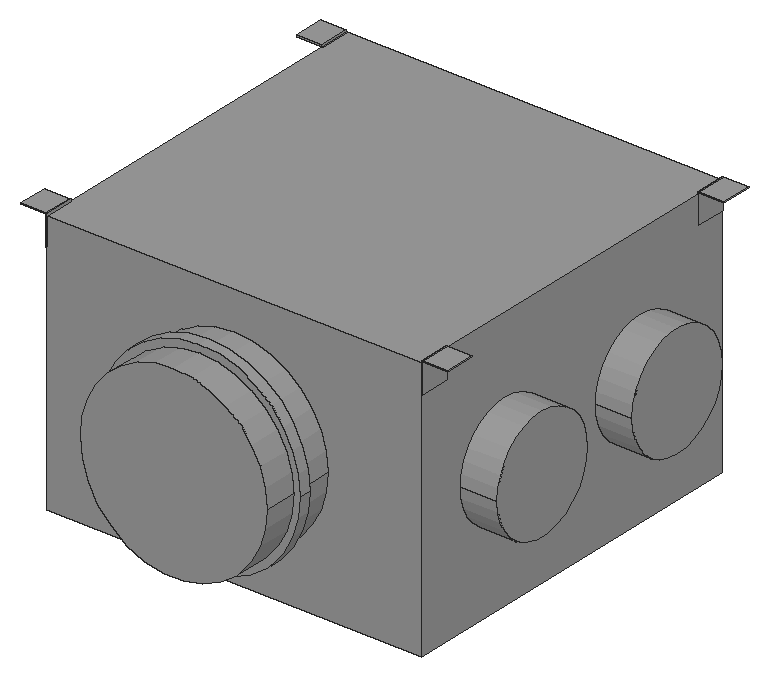
Revit family "SA_FASU(F4-150 250Φ)", category ダクト付属品, Revit 2022
Family settings
  丸型コネクタ寸法 = 直径を使用
  パーツ タイプ = ダンパー
  OmniClass 番号 = 23.75.00.00
  OmniClass タイトル = Climate Control (HVAC)
  作業面ベース = いいえ
  常に垂直 = はい
  ロード時にボイドで切り取り = いいえ
  共有 = いいえ
Parameters
  高さ = 350 mm
  風量 = 0.0 L/s
  符号 = "FASU"
  形式 = "F4-150 250φ"
  幅 [instance] = 500 mm
  奥行き = 500 mm
  大きさ = 250 mm
  呼称 = "FASUチャンバー"
  付属品_下端レベル [instance] = 0 mm
  マテリアル [instance] = 既定値
  ダクト_イン = 250 mm
  ダクト_アウト = 150 mm
  既定の高さ = 0 mm
Reference planes
  plane 1 "中心(正面/背面)": y = 0
  plane 2: z = 0
  plane 3 "中心(左/右)": x = 0
  plane 4: x = -250
  plane 5: x = 250
  plane 6: y = -500
  plane 7: z = 350
  plane 8: z = 175
  plane 9: z = 266.963
  plane 10: z = 86.159
  plane 11: x = -125
  plane 12: x = 125
  plane 13: x = -135
  plane 14: x = 135
  plane 15: x = -251
  plane 16: z = 313.122
  plane 17: z = 352.122
  plane 18: y = -250
Forms (mm)
  Extrusion 1, solid, material "既定値" <- "マテリアル"
    sketch origin (0, 0, 0) x (1, 0, 0) y (0, 1, 0)
      loop
        line (-250, 0) -> (-250, -500) -> (250, -500) -> (250, 0) -> (-250, 0)
    from 0 to 350
  Extrusion 2, solid, material "既定値" <- "マテリアル"
    sketch origin (0, -30, 0) x (1, 0, 0) y (0, 0, 1)
      loop
        circle (0, 175) r 125
    from 470 to 512.5
  Extrusion 3, solid, material "既定値" <- "マテリアル"
    sketch origin (0, -30, 0) x (1, 0, 0) y (0, 0, 1)
      loop
        circle (0, 175) r 135
    from 512.5 to 527.5
  Extrusion 4, solid, material "既定値" <- "マテリアル"
    sketch origin (0, -117.5, 0) x (1, 0, 0) y (0, 0, 1)
      loop
        circle (0, 175) r 125
    from 440 to 482.5
  Extrusion 5, solid, material "既定値" <- "マテリアル"
    sketch origin (0, -30, 0) x (0, 1, 0) y (0, 0, 1)
      loop
        circle (-332.5, 175) r 74.985
    from -300 to -250
  Extrusion 6, solid, material "既定値" <- "マテリアル"
    sketch origin (550, -30, 0) x (0, 1, 0) y (0, 0, 1)
      loop
        circle (-332.5, 175) r 74.985
    from -300 to -250
  Extrusion 7, solid, material "既定値" <- "マテリアル"
    sketch origin (0, -30, 0) x (1, 0, 0) y (0, 1, 0)
      loop
        line (-250, 30) -> (-251, 30) -> (-251, -10) -> (-250, -10) -> (-250, 30)
    from 313.122 to 350
  Extrusion 8, solid, material "既定値" <- "マテリアル"
    sketch origin (0, -30, 0) x (1, 0, 0) y (0, 1, 0)
      loop
        line (-285, 30) -> (-285, -10) -> (-251, -10) -> (-251, 30) -> (-285, 30)
    from 352.122 to 350
  Extrusion 9, solid, material "既定値" <- "マテリアル"
    sketch origin (0, -30, 0) x (-1, 0, 0) y (0, -1, 0)
      loop
        line (-250, -30) -> (-250, 10) -> (-251, 10) -> (-251, -30) -> (-250, -30)
    from 313.122 to 353.122
  Extrusion 10, solid, material "既定値" <- "マテリアル"
    sketch origin (0, -30, 0) x (-1, 0, 0) y (0, -1, 0)
      loop
        line (-285, -30) -> (-251, -30) -> (-251, 10) -> (-285, 10) -> (-285, -30)
    from 352.122 to 353.122
  Extrusion 11, solid, material "既定値" <- "マテリアル"
    sketch origin (0, -490, 0) x (1, 0, 0) y (0, 1, 0)
      loop
        line (-285, 30) -> (-285, -10) -> (-251, -10) -> (-251, 30) -> (-285, 30)
    from 352.122 to 353.122
  Extrusion 12, solid, material "既定値" <- "マテリアル"
    sketch origin (0, -490, 0) x (1, 0, 0) y (0, 1, 0)
      loop
        line (-250, 30) -> (-251, 30) -> (-251, -10) -> (-250, -10) -> (-250, 30)
    from 313.122 to 353.122
  Extrusion 13, solid, material "既定値" <- "マテリアル"
    sketch origin (0, -490, 0) x (-1, 0, 0) y (0, -1, 0)
      loop
        line (-285, -30) -> (-251, -30) -> (-251, 10) -> (-285, 10) -> (-285, -30)
    from 352.122 to 353.122
  Extrusion 14, solid, material "既定値" <- "マテリアル"
    sketch origin (0, -490, 0) x (-1, 0, 0) y (0, -1, 0)
      loop
        line (-250, -30) -> (-250, 10) -> (-251, 10) -> (-251, -30) -> (-250, -30)
    from 313.122 to 353.122
  Extrusion 15, solid, material "既定値" <- "マテリアル"
    sketch origin (550, -470, 0) x (0, -1, 0) y (0, 0, -1)
      loop
        circle (-332.5, -175) r 74.985
    from -300 to -250
  Extrusion 16, solid, material "既定値" <- "マテリアル"
    sketch origin (-550, -470, 0) x (0, -1, 0) y (0, 0, 1)
      loop
        circle (-332.5, 175) r 74.985
    from -300 to -250
Lines and regions (mm)
  model lines
    curve 1: line (-250, -30, 0) -> (250, -30, 0)
    curve 2: line (-250, -470, 0) -> (250, -470, 0)
Text (mm)
  text "FASU(F4-150 250Φ)" at (120.822, -450.782, 0), in view "参照レベル"
Dimensions and locks
  equal spacing: plane 4, plane 3 "中心(左/右)", plane 5
  "幅": plane 4 to plane 5
  "奥行き": plane 6 to plane 1 "中心(正面/背面)"
  "高さ": plane 7 to level
  equal spacing: plane 7, plane 8, level
  equal spacing: plane 6, plane 18, plane 1 "中心(正面/背面)"
  aligned and locked: level to plane 2
  aligned and locked: Extrusion 1 sketch curve to plane 5
  aligned and locked: plane 7 to Extrusion 1
  aligned and locked: plane 4 to Extrusion 5
  aligned and locked: Extrusion 6 to plane 5
  aligned and locked: Extrusion 7 sketch curve to Extrusion 1
  aligned and locked: plane 7 to Extrusion 7
  aligned and locked: Extrusion 8 sketch curve to Extrusion 7
  aligned and locked: Extrusion 7 to Extrusion 8 sketch curve
  aligned and locked: plane 7 to Extrusion 8
  aligned and locked: Extrusion 8 to plane 17
  aligned and locked: Extrusion 9 to Extrusion 10 sketch curve
  aligned and locked: Extrusion 10 sketch curve to Extrusion 9
  aligned and locked: Extrusion 3 to Extrusion 4
  aligned and locked: Extrusion 3 to Extrusion 2
  aligned and locked: Extrusion 1 to Extrusion 13
  aligned and locked: Extrusion 11 to Extrusion 1
  aligned and locked: Extrusion 12 to Extrusion 1
  aligned and locked: Extrusion 1 to Extrusion 14
  aligned and locked: Extrusion 14 to Extrusion 13
  aligned and locked: Extrusion 12 to Extrusion 11
  aligned and locked: plane 4 to Extrusion 12
  aligned and locked: Extrusion 14 to plane 5
  aligned and locked: plane 4 to curve 1
  aligned and locked: plane 5 to curve 1
  aligned and locked: plane 5 to curve 2
  aligned and locked: plane 4 to curve 2
  aligned and locked: Extrusion 1 to Extrusion 8
  aligned and locked: Extrusion 10 to Extrusion 1
  aligned and locked: Extrusion 9 to plane 5
  aligned and locked: Extrusion 1 to plane 6
  aligned and locked: Extrusion 1 to plane 1 "中心(正面/背面)"
  aligned and locked: plane 6 to Extrusion 2
  aligned and locked: Extrusion 15 to plane 5
  aligned and locked: plane 4 to Extrusion 16
Automatic sketch dimensions
  plane 6 to curve 2 = 30 mm
  plane 1 "中心(正面/背面)" to curve 1 = 30 mm
  Extrusion 1 sketch curve to plane 4 = 0 mm
  Extrusion 1 sketch curve to plane 6 = 0 mm
  plane 1 "中心(正面/背面)" to Extrusion 1 sketch curve = 0 mm
  Extrusion 2 sketch curve to plane 3 "中心(左/右)" = 0 mm
  Extrusion 2 sketch curve to plane 8 = 0 mm
  Extrusion 3 sketch curve to plane 3 "中心(左/右)" = 0 mm
  Extrusion 3 sketch curve to plane 8 = 0 mm
  Extrusion 4 sketch curve to plane 3 "中心(左/右)" = 0 mm
  Extrusion 4 sketch curve to plane 8 = 0 mm
  Extrusion 5 sketch curve to plane 8 = 0 mm
  Extrusion 6 sketch curve to plane 8 = 0 mm
  plane 1 "中心(正面/背面)" to Extrusion 7 sketch curve = 0 mm
  Extrusion 7 sketch curve to plane 15 = 0 mm
  Extrusion 7 sketch curve to Extrusion 7 sketch curve = 40 mm
  plane 1 "中心(正面/背面)" to Extrusion 8 sketch curve = 0 mm
  Extrusion 8 sketch curve to Extrusion 8 sketch curve = 34 mm
  plane 1 "中心(正面/背面)" to Extrusion 9 sketch curve = 0 mm
  Extrusion 9 sketch curve to plane 5 = 0 mm
  Extrusion 9 sketch curve to Extrusion 9 sketch curve = 1 mm
  Extrusion 9 sketch curve to Extrusion 9 sketch curve = 40 mm
  plane 1 "中心(正面/背面)" to Extrusion 10 sketch curve = 0 mm
  Extrusion 10 sketch curve to Extrusion 10 sketch curve = 34 mm
  Extrusion 11 sketch curve to plane 6 = 0 mm
  Extrusion 11 sketch curve to plane 15 = 0 mm
  Extrusion 11 sketch curve to Extrusion 11 sketch curve = 34 mm
  Extrusion 12 sketch curve to plane 15 = 0 mm
  Extrusion 12 sketch curve to plane 4 = 0 mm
  Extrusion 12 sketch curve to plane 6 = 0 mm
  Extrusion 13 sketch curve to plane 6 = 0 mm
  Extrusion 13 sketch curve to plane 5 = 35 mm
  Extrusion 13 sketch curve to plane 5 = 1 mm
  Extrusion 14 sketch curve to plane 6 = 0 mm
  Extrusion 14 sketch curve to plane 5 = 0 mm
  Extrusion 14 sketch curve to Extrusion 14 sketch curve = 1 mm
  Extrusion 15 sketch curve to plane 8 = 0 mm
  plane 18 to Extrusion 15 sketch curve = 112.5 mm
  Extrusion 16 sketch curve to plane 8 = 0 mm
  plane 18 to Extrusion 16 sketch curve = 112.5 mm
  Extrusion 5 sketch curve to plane 18 = 112.5 mm
  Extrusion 6 sketch curve to plane 18 = 112.5 mm
  plane 6 to Extrusion 11 sketch curve = 40 mm
  plane 6 to Extrusion 12 sketch curve = 40 mm
  Extrusion 13 sketch curve to plane 6 = 40 mm
  Extrusion 14 sketch curve to plane 6 = 40 mm
  radius of Extrusion 2 sketch curve = 125 mm
  radius of Extrusion 3 sketch curve = 135 mm
  radius of Extrusion 4 sketch curve = 125 mm
  radius of Extrusion 5 sketch curve = 74.985 mm
  radius of Extrusion 6 sketch curve = 74.985 mm
  radius of Extrusion 15 sketch curve = 74.985 mm
  radius of Extrusion 16 sketch curve = 74.985 mm
Connectors
  hvac at (-300, -362.5, 175), driven by "ダクト_アウト"
    settings: on Extrusion 5, index 1, duct flow 0.0 L/s, flow factor 0, pres drop 0.0 Pa, loss coef 0, conn angle 0.00°, conn width 304.8 mm, conn height 304.8 mm, conn diameter 150 mm, duct sys type 29, conn prof type 0, flow config 0, flow direction 2, loss method 0, conn ref index -1, conn util no, is conn primary yes, conn desc ""
  hvac at (-300, -137.5, 175), driven by "ダクト_アウト"
    settings: on Extrusion 16, index 2, duct flow 0.0 L/s, flow factor 0, pres drop 0.0 Pa, loss coef 0, conn angle 0.00°, conn width 304.8 mm, conn height 304.8 mm, conn diameter 150 mm, duct sys type 29, conn prof type 0, flow config 0, flow direction 2, loss method 0, conn ref index -1, conn util no, is conn primary no, conn desc ""
  hvac at (300, -362.5, 175), driven by "ダクト_アウト"
    settings: on Extrusion 6, index 3, duct flow 0.0 L/s, flow factor 0, pres drop 0.0 Pa, loss coef 0, conn angle 0.00°, conn width 304.8 mm, conn height 304.8 mm, conn diameter 150 mm, duct sys type 29, conn prof type 0, flow config 0, flow direction 2, loss method 0, conn ref index -1, conn util no, is conn primary no, conn desc ""
  hvac at (300, -137.5, 175), driven by "ダクト_アウト"
    settings: on Extrusion 15, index 4, duct flow 0.0 L/s, flow factor 0, pres drop 0.0 Pa, loss coef 0, conn angle 0.00°, conn width 304.8 mm, conn height 304.8 mm, conn diameter 150 mm, duct sys type 29, conn prof type 0, flow config 0, flow direction 2, loss method 0, conn ref index -1, conn util no, is conn primary no, conn desc ""
  hvac at (0, -600, 175), driven by "ダクト_イン"
    settings: on Extrusion 4, index 5, duct flow 0.0 L/s, flow factor 0, pres drop 0.0 Pa, loss coef 0, conn angle 0.00°, conn width 304.8 mm, conn height 304.8 mm, conn diameter 250 mm, duct sys type 29, conn prof type 0, flow config 0, flow direction 1, loss method 0, conn ref index -1, conn util no, is conn primary no, conn desc ""
